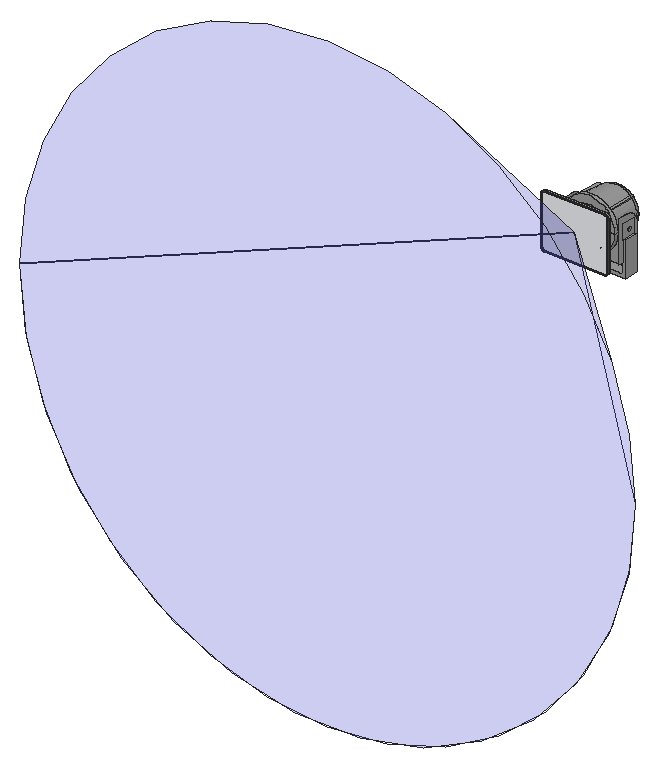
Revit family "AH94-8T-BSG", category Communication Devices, Revit 2014
Parameters (values of type "Full-Range, Outdoor, Horn Loudspeaker")
  Width = 19.66"
  Weight Product = 63
  Warranty = "5 Year"
  Vertical Symmetry = yes
  URL = "www.atlassound.com"
  Transformer Option = yes
  Specification by User (default) = "TBD"
  Speaker Listening Height [instance] = 30.00"
  Speaker Height [instance] = 120.00"
  Speaker Dispersion = 90.00°
  Speaker Cone Visible [instance] = yes
  Sensitivity = 101
  ScheduleType |RF| = "AtlasIED Master"
  SPL Max = 107
  Rotation = 0.00°
  Product Page URL = "https://www.atlasied.com/ah94-8t-bsg"
  Product Documentation Link = "https://www.atlasied.com/f/2991/ATS004761%20AH94-8T-BSG%20Data%20Sheet%20RevA.pdf"
  Power Rating (RMS) = "100 watts"
  Pitch = 0.00°
  OmniClass Title = "SPEAKERS"
  OmniClass Number = "23-37 17 13 19"
  Mount Material = Default
  Model = "AH94-8T-BSG"
  Maximum Output = "121dB"
  MaterFormat Title = "SPEAKERS"
  MasterFormat = "27 41 13"
  Market = "Commercial, Higher Education, Emergency"
  Manufacturer URL = "https://www.atlasied.com"
  Manufacturer Phone = "(800) 876 - 3333"
  Manufacturer Email = "support@atlasied.com"
  Manufacturer Address = "4545 E. Baseline Rd., Phoenix, AZ 85042"
  Manufacturer = "ATLAS SOUND"
  Input Connectors = "Barrier Terminal"
  Ingress Protection = "IP45 When Tilted 5° Downwards"
  Impedance = 8
  IQ Category = "SPEAKERS"
  Height = 20.05"
  Grill Material = QF_Plastic - White - Smooth
  Frequency Response  = "90Hz - 15kHz (±5dB)"
  Family Version [instance] = "2017-01"
  Family Code (default) = "LOUD SPEAKERS"
  Enclosure Material = none
  Dispersion Angle = 90.00°
  Description = "8\" 2-WAY STADIUM HORN LOUDSPEAKER SYSTEM 90° X 40°"
  Depth = 19.98"
  Coverage Vertical = 0.00°
  Coverage Horizontal = 0.00°
  Cost MSRP = 947.99
  Cost = 947.99
  Color = none
  Body Material = Default
  Baffle Material = none
  Angle [instance] = 0.00°
  70V Taps = "7.5, 15, 30, & 60 watts"
Reference planes (in)
  plane 1 "Center (Front/Back)": y = 0
  plane 2: z = 0
  plane 3 "Center (Left/Right)": x = 0
  plane 4: z = 20.05
  plane 5: z = 4.05
  plane 6: x = 9.83
  plane 7: x = -9.83
  plane 8: x = 8.955
  plane 9: x = -8.955
  plane 10: y = -9.99
  plane 11: y = 9.99
  plane 12: z = 12.03
Forms (in)
  Extrusion 1, solid, material "Default" <- "Mount Material"
    sketch origin (0, -2.60748, 13.66826) x (0, 0, -1) y (1, 0, 0)
      loop
        line (13.66826, 8.955) -> (3.63826, 8.955) -> (3.63826, 8.21875) -> (-0.36174, 8.21875) -> (-0.36174, 8.11375) -> (3.71123, 8.11375) -> (3.71123, 8.21875) -> (12.66826, 8.21875) -> (12.66826, -8.21875) -> (3.71123, -8.21875) -> (3.71123, -8.11375) -> (-0.36174, -8.11375) -> (-0.36174, -8.21875) -> (3.63826, -8.21875) -> (3.63826, -8.955) -> (13.66826, -8.955) -> (13.66826, 8.955)
    from 0 to -3.88
  Revolve 2, solid, material "QF_Metal - Stainless - Polished"
    sketch origin (0, -2.0095, 12.03) x (1, 0, 0) y (0, 1, 0)
      loop
        line (1.06703, 2.0095) -> (2.43821, 2.0095) -> (2.43821, 2.2595) -> (1.06703, 2.2595) -> (1.06703, 2.0095)
      axis (1.06703, 2.0095) -> (2.43821, 2.0095)
    angle from 0 <- "Angle" to 225.204
Dimensions and locks (in)
  "Height": plane 4 to level
  plane 4 to plane 5 = 16.00"
  plane 5 to plane 4 = 16.00"
  "Width": plane 7 to plane 6
  plane 9 to plane 8 = 17.91"
  "Depth": plane 10 to plane 11
  plane 12 to plane 2 = 12.03"
  aligned and locked: plane 2 to level
Automatic sketch dimensions
  Extrusion 1 sketch curve to Extrusion 1 sketch curve = 0.07298"  (x2)
  Extrusion 1 sketch curve to Extrusion 1 sketch curve = 1.00"
  Extrusion 1 sketch curve to Extrusion 1 sketch curve = 0.73625"
  plane 8 to Extrusion 1 sketch curve = 0.00"
  plane 9 to Extrusion 1 sketch curve = 0.00"
  Extrusion 1 sketch curve to level = 0.00"
  Extrusion 1 sketch curve to plane 9 = 0.84125"
  Extrusion 1 sketch curve to plane 12 = 2.07298"  (x2)
  plane 8 to Extrusion 1 sketch curve = 0.73625"  (x2)
  plane 12 to Extrusion 1 sketch curve = 2.00"  (x2)
  Extrusion 1 sketch curve to plane 9 = 0.73625"
  Extrusion 1 sketch curve to Extrusion 1 sketch curve = 0.105"
  plane 1 "Center (Front/Back)" to Revolve 2 sketch curve = 0.00"  (x2)
  plane 3 "Center (Left/Right)" to Revolve 2 sketch curve = 1.06703"
  Revolve 2 sketch curve to plane 1 "Center (Front/Back)" = 0.25"
  Revolve 2 sketch curve to Revolve 2 sketch curve = 1.37117"
  Revolve 2 sketch curve to Revolve 2 sketch curve = 1.06179"
  Revolve 2 sketch curve to Revolve 2 sketch curve = 0.59789"
Nested families (in)
  nested 1: "AH948TBSG" at (0, 0, 12.03), Speaker Cone Visible <- "Speaker Cone Visible", Speaker Listening Height <- "Speaker Listening Height", Speaker Height <- "Speaker Height", Speaker Dispersion <- "Speaker Dispersion", type "Full-Range, Outdoor, Horn Loudspeaker"
    with Weight Dimensional/Shipping 0, Speaker Listening Height 30.00", Speaker Height 120.00", Speaker Dispersion 90.00°, Speaker Cone Visible yes, Speaker Cone Height 90.00", Radius of Speaker Cone 90.00", Operating Frequency Range "", Flasher Type "", Flasher Lumens "", Family Version ""
Definition of nested family "AH948TBSG"
  Parameters (values of type "Full-Range, Outdoor, Horn Loudspeaker")
    Woofer Size = 0
    Woofer Impedence = "8Ω Nominal"
    Width = 19.66"
    Weight Product = 63
    Weight Dimensional/Shipping [instance] = 0
    Weight Dimensional = 0
    Warranty = ""
    Voltage DC = ""
    Voltage AC = ""
    Viewable Dimensions (HxW) = 0
    Vertical Symmetry = yes
    URL = "www.atlassound.com"
    Type Driver = "1\" HF and 8\" LF"
    Transformer Option = yes
    Sustainability Rating = ""
    Splay Angle Minimum = 0.00°
    Splay Angle Maximum = 0.00°
    Specification by User (default) = ""
    Specification by Manufacturer = ""
    Speaker Type = "S1"
    Speaker Listening Height [instance] = 30.00"
    Speaker Height [instance] = 120.00"
    Speaker Dispersion [instance] = 90.00°
    Speaker Data Link = ""
    Speaker Cone Visible [instance] = no
    Speaker Cone Height [instance] = (Speaker Height - Speaker Listening Height)  # 90.00"
    Shipping Dimensions = ""
    Serial Number = ""
    Sensitivity 5 = 0
    Sensitivity 4 = 0
    Sensitivity 3 = 0
    Sensitivity 2 = 0
    Sensitivity = 101
    Seismic Rating = ""
    ScheduleType |RF| = "AtlasIED Master"
    Safety Features = ""
    Safety Agency Ratings = ""
    SPL Stimulus = ""
    SPL Measurement Bandwidth = ""
    SPL Max = 107
    Rotation = 0.00°
    Regulatory Compliance = ""
    Recommended Signal Processing = ""
    Recommended Power Amplification = ""
    Radius of Speaker Cone [instance] = (Speaker Cone Height) * tan(Speaker Dispersion / 2)  # 90.00"
    Product Page URL = "https://www.atlasied.com/ah94-8t-bsg"
    Product Documentation Link = "https://www.atlasied.com/f/2991/ATS004761%20AH94-8T-BSG%20Data%20Sheet%20RevA.pdf"
    Power Standby = 0
    Power Rating (RMS) = "100 watts"
    Power Peak = 0
    Power Handling 5 = 0
    Power Handling 4 = 0
    Power Handling 3 = 0
    Power Handling 2 = 0
    Power Handling = 0
    Power Factor = 0
    Power Active = 0
    Pitch = 0.00°
    Part Number = "AH94-8T-BSG"
    Outdoor/Weather Rating = ""
    Operation Mode = ""
    Operating Frequency Range [instance] = ""
    OmniClass Title = "SPEAKERS"
    OmniClass Number = "23-37 17 13 19"
    Number of Bands = 0
    Noise = 0
    Mounting/Rigging Provisions = ""
    Mount Material = Default
    Model = "AH94-8T-BSG"
    Minimum Impedence = ""
    Maximum Output = "121dB"
    Max Input Ratings (8Ω) = ""
    Max Character Height = 0
    MaterFormat Title = ""
    MasterFormat = "27 41 13"
    Market = "Commercial, Higher Education, Emergency"
    Manufacturer URL = "https://www.atlasied.com"
    Manufacturer Phone = "(800) 876 - 3333"
    Manufacturer Email = "support@atlasied.com"
    Manufacturer Address = "4545 E. Baseline Rd., Phoenix, AZ 85042"
    Manufacturer = "ATLAS SOUND"
    Loudspeaker Level = ""
    Input Connectors = ""
    Ingress Protection = "IP45 When Tilted 5° Downwards"
    Impedance 5 = 0
    Impedance 4 = 0
    Impedance 3 = 0
    Impedance 2 = 0
    Impedance = 8
    IQ Category = "SPEAKERS"
    Horizontal Symmetry = yes
    Height = 20.05"
    Heat Load Standby = 0
    Heat Load Active = 0
    HF Driver = ""
    Grill Material = QF_Plastic - White - Smooth
    Frequency Response  = "90Hz - 15kHz (±5dB)"
    Flasher Type [instance] = ""
    Flasher Lumens Rating = ""
    Flasher Lumens [instance] = ""
    Family Version [instance] = ""
    Family Code (default) = ""
    Extended Low Frequency Response = ""
    Environmental Testing = ""
    Enclusure Volume = 0
    Enclosure Material = none
    Dispersion Angle = 90.00°
    Diameter = 0
    Description = "8\" 2-WAY STADIUM HORN LOUDSPEAKER SYSTEM 90° X 40°"
    Depth = 19.98"
    Cutout Diameter = 0
    Current Draw = 0
    Crossover Frequency = "1.8 kHz."
    Coverage Vertical = 0.00°
    Coverage Horizontal = 0.00°
    Coverage = ""
    Cost MSRP = 947.99
    Controls = ""
    Communication Ports = ""
    Communication Formats = ""
    Color = none
    Body Material = Default
    Baffle Material = none
    Azimuth = 0.00°
    70V Taps = "7.5, 15, 30, & 60 watts"
    25V Taps = "0.00 W"
    100V Taps = "0.00 W"
  Reference planes (in)
    plane 1 "Center (Front/Back)": y = 0
    plane 2: z = 0
    plane 3 "Center (Left/Right)": x = 0
    plane 4: z = 20.05
    plane 5: z = 4.05
    plane 6: x = 9.83
    plane 7: x = -9.83
    plane 8: x = 8.955
    plane 9: x = -8.955
    plane 10: y = -9.99
    plane 11: y = 9.99
    plane 12: z = 12.03
  Forms (in)
    Extrusion 1, solid, material "Default" <- "Body Material"
      sketch origin (0, -4.66227, 0.02) x (0, -1, 0) y (1, 0, 0)
        loop
          arc (-13.39523, 0.2489) -> (-14.65227, -0.0011) -> (-13.39523, -0.2511) r 0.65338
          line (-13.39523, -0.2511) -> (-13.07811, -0.2511) -> (-13.07811, 0.2489) -> (-13.39523, 0.2489)
        loop
          circle (-13.99889, -0.0011) r 0.40338
      from -0.08174 to 0.07955
    Extrusion 2, solid, material "Default" <- "Mount Material"
      sketch origin (9.54326, -1.61914, 1.595) x (-1, 0, 0) y (0, -1, 0)
        loop
          line (15.99174, -3.48773) -> (17.41237, -3.48773) -> (17.41237, 2.16843) -> (16.48659, 2.16843) -> (15.99174, -3.48773)
        loop
          line (3.09477, -3.48773) -> (2.59992, 2.16843) -> (1.67414, 2.16843) -> (1.67414, -3.48773) -> (3.09477, -3.48773)
      from 0 to 0.13
    Revolve 3, solid, material "Default" <- "Body Material"
      sketch origin (0, 0, 0.02) x (1, 0, 0) y (0, 1, 0)
        loop
          arc (0, 8.45424) -> (-2.98607, 7.77043) -> (-5.59293, 6.16152) r 9.38607
          arc (-5.59293, 6.16152) -> (-6.02381, 5.61288) -> (-6.22291, 4.94427) r 1.86473
          line (-6.22291, 4.94427) -> (-7.11014, -3.78757) -> (-7.58174, -3.78757) -> (-7.58174, -4.78727) -> (-5.17455, -4.78727) -> (-7.32874, -9.40694) -> (0, -9.40694) -> (0, 8.45424)
        axis (0, -9.40694) -> (0, 8.45424)
      angle from 0 to 360
    Extrusion 4, solid, material "Default" <- "Body Material"
      sketch origin (9.66492, 0, -9.64492) x (0, 1, 0) y (0.707107, 0, -0.707107)
        loop
          line (-9.28194, -21.22937) -> (-4.78727, -20.42367) -> (-4.78727, -18.8428) -> (-9.28194, -20.61258) -> (-9.28194, -21.22937)
        loop
          line (-9.28194, -6.10714) -> (-9.28194, -6.72393) -> (-4.78727, -8.49371) -> (-4.78727, -6.91284) -> (-9.28194, -6.10714)
        loop
          line (-3.78757, -6.55811) -> (5.37977, -7.52164)
          arc (5.37977, -7.52164) -> (6.83998, -8.99029) -> (7.84752, -10.79973) r 7.56991
          arc (7.84752, -10.79973) -> (6.51986, -8.15849) -> (4.02211, -6.57733) r 5.53481
          line (4.02211, -6.57733) -> (-3.78757, -6.30461) -> (-3.78757, -6.55811)
        loop
          line (-3.78757, -20.7784) -> (-3.78757, -21.0319) -> (4.02211, -20.75918)
          arc (4.02211, -20.75918) -> (6.51986, -19.17802) -> (7.84752, -16.53678) r 5.53481
          arc (7.84752, -16.53678) -> (6.83998, -18.34622) -> (5.37977, -19.81487) r 7.56991
          line (5.37977, -19.81487) -> (-3.78757, -20.7784)
      from -0.25 to 0.25
    Extrusion 5, solid, material "Default" <- "Body Material"
      sketch origin (16.84763, -9.99, 34.14) x (1, 0, 0) y (0, 0, 1)
        loop
          line (-7.01763, -41.0575) -> (-7.01763, -27.1825)
          arc (-7.01763, -27.1825) -> (-7.32882, -26.4312) -> (-8.08013, -26.12) r 1.0625
          line (-8.08013, -26.12) -> (-25.61513, -26.12)
          arc (-25.61513, -26.12) -> (-26.36643, -26.4312) -> (-26.67763, -27.1825) r 1.0625
          line (-26.67763, -27.1825) -> (-26.67763, -41.0575)
          arc (-26.67763, -41.0575) -> (-26.36643, -41.8088) -> (-25.61513, -42.12) r 1.0625
          line (-25.61513, -42.12) -> (-8.08013, -42.12)
          arc (-8.08013, -42.12) -> (-7.32882, -41.8088) -> (-7.01763, -41.0575) r 1.0625
        loop
          line (-7.27763, -41.1075) -> (-7.27763, -27.1325)
          arc (-7.27763, -27.1325) -> (-7.51267, -26.56505) -> (-8.08013, -26.33) r 0.8025
          line (-8.08013, -26.33) -> (-25.61513, -26.33)
          arc (-25.61513, -26.33) -> (-26.18258, -26.56505) -> (-26.41763, -27.1325) r 0.8025
          line (-26.41763, -27.1325) -> (-26.41763, -41.1075)
          arc (-26.41763, -41.1075) -> (-26.18258, -41.67495) -> (-25.61513, -41.91) r 0.8025
          line (-25.61513, -41.91) -> (-8.08013, -41.91)
          arc (-8.08013, -41.91) -> (-7.51267, -41.67495) -> (-7.27763, -41.1075) r 0.8025
      from 0 to -0.58306
    Extrusion 6, solid, material "Default" <- "Mount Material"
      sketch origin (7.86911, 1.86858, 1.595) x (0, -1, 0) y (0, 0, -1)
        loop
          line (5.65615, -2.09844) -> (5.65615, 9.9001) -> (-0.65276, 9.9001) -> (-0.65276, 1.28125)
          arc (-0.65276, 1.28125) -> (0.33712, -1.10855) -> (2.72692, -2.09844) r 3.37968
          line (2.72692, -2.09844) -> (5.65615, -2.09844)
      from 0 to 0.13
    Extrusion 7, solid, material "Default" <- "Mount Material"
      sketch origin (-7.86911, 1.86858, 1.595) x (0, -1, 0) y (0, 0, 1)
        loop
          arc (2.72692, 2.09844) -> (0.33712, 1.10855) -> (-0.65276, -1.28125) r 3.37968
          line (-0.65276, -1.28125) -> (-0.65276, -9.9001) -> (5.65615, -9.9001) -> (5.65615, 2.09844) -> (2.72692, 2.09844)
      from 0 to 0.13
    Extrusion 8, solid, material "Default" <- "Mount Material"
      sketch origin (0, -2.47748, 1.63826) x (0, 0, -1) y (1, 0, 0)
        loop
          line (1.61826, 7.86911) -> (1.61826, 7.11014)
          arc (1.61826, 7.11014) -> (8.7284, 0) -> (1.61826, -7.11014) r 7.11014
          line (1.61826, -7.11014) -> (1.61826, -7.86911) -> (10.54326, -7.86911) -> (10.54326, 7.86911) -> (1.61826, 7.86911)
      from 0 to 0.13
    Extrusion 9, solid, material "Default" <- "Mount Material"
      sketch origin (-8.21875, -2.60748, 1.2175) x (0, 0, -1) y (0, -1, 0)
        loop
          line (0.94672, -2.4115) -> (1.48828, -2.4115) -> (1.75905, -1.9425) -> (1.48828, -1.4735) -> (0.94672, -1.4735) -> (0.67595, -1.9425) -> (0.94672, -2.4115)
      from 0 to 0.333
    Extrusion 10, solid, material "Default" <- "Mount Material"
      sketch origin (8.21875, -2.60748, 1.2175) x (0, 0, -1) y (0, 1, 0)
        loop
          line (0.94672, 2.4115) -> (0.67595, 1.9425) -> (0.94672, 1.4735) -> (1.48828, 1.4735) -> (1.75905, 1.9425) -> (1.48828, 2.4115) -> (0.94672, 2.4115)
      from 0 to 0.333
    Extrusion 11, solid, material "QF_Plastic - White - Smooth" <- "Grill Material"
      sketch origin (16.84763, -9.99, 34.14) x (1, 0, 0) y (0, 0, 1)
        loop
          arc (-7.27763, -27.1325) -> (-7.51267, -26.56505) -> (-8.08013, -26.33) r 0.8025
          line (-8.08013, -26.33) -> (-25.61513, -26.33)
          arc (-25.61513, -26.33) -> (-26.18258, -26.56505) -> (-26.41763, -27.1325) r 0.8025
          line (-26.41763, -27.1325) -> (-26.41763, -41.1075)
          arc (-26.41763, -41.1075) -> (-26.18258, -41.67495) -> (-25.61513, -41.91) r 0.8025
          line (-25.61513, -41.91) -> (-8.08013, -41.91)
          arc (-8.08013, -41.91) -> (-7.51267, -41.67495) -> (-7.27763, -41.1075) r 0.8025
          line (-7.27763, -41.1075) -> (-7.27763, -27.1325)
      from 0 to -0.25
    Extrusion 12, solid, material "Default" <- "Body Material"
      sketch origin (16.84763, -9.74, 34.14) x (-1, 0, 0) y (0, 0, 1)
        loop
          line (7.27763, -27.1325) -> (7.27763, -41.1075)
          arc (7.27763, -41.1075) -> (7.51267, -41.67495) -> (8.08013, -41.91) r 0.8025
          line (8.08013, -41.91) -> (25.61513, -41.91)
          arc (25.61513, -41.91) -> (26.18258, -41.67495) -> (26.41763, -41.1075) r 0.8025
          line (26.41763, -41.1075) -> (26.41763, -27.1325)
          arc (26.41763, -27.1325) -> (26.18258, -26.56505) -> (25.61513, -26.33) r 0.8025
          line (25.61513, -26.33) -> (8.08013, -26.33)
          arc (8.08013, -26.33) -> (7.51267, -26.56505) -> (7.27763, -27.1325) r 0.8025
      from 0 to 0.25
    Extrusion 13, solid, material "Default" <- "Body Material"
      sketch origin (-9.66492, 0, -9.64492) x (0, 1, 0) y (0.707107, 0, 0.707107)
        loop
          line (-9.28194, 21.22937) -> (-9.28194, 20.61258) -> (-4.78727, 18.8428) -> (-4.78727, 20.42367) -> (-9.28194, 21.22937)
        loop
          line (-9.28194, 6.10714) -> (-4.78727, 6.91284) -> (-4.78727, 8.49371) -> (-9.28194, 6.72393) -> (-9.28194, 6.10714)
        loop
          line (-3.78757, 6.55811) -> (-3.78757, 6.30461) -> (4.02211, 6.57733)
          arc (4.02211, 6.57733) -> (6.51986, 8.15849) -> (7.84752, 10.79973) r 5.53481
          arc (7.84752, 10.79973) -> (6.83998, 8.99029) -> (5.37977, 7.52164) r 7.56991
          line (5.37977, 7.52164) -> (-3.78757, 6.55811)
        loop
          line (-3.78757, 20.7784) -> (5.37977, 19.81487)
          arc (5.37977, 19.81487) -> (6.83998, 18.34622) -> (7.84752, 16.53678) r 7.56991
          arc (7.84752, 16.53678) -> (6.51986, 19.17802) -> (4.02211, 20.75918) r 5.53481
          line (4.02211, 20.75918) -> (-3.78757, 21.0319) -> (-3.78757, 20.7784)
      from -0.25 to 0.25
    Extrusion 14, solid, material "QF_Plastic - Black - Fine Textured"
      sketch origin (16.84763, -9.99, 34.14) x (1, 0, 0) y (0, 0, 1)
        loop
          line (-7.01763, -41.0575) -> (-7.01763, -27.1825)
          arc (-7.01763, -27.1825) -> (-7.32882, -26.4312) -> (-8.08013, -26.12) r 1.0625
          line (-8.08013, -26.12) -> (-25.61513, -26.12)
          arc (-25.61513, -26.12) -> (-26.36643, -26.4312) -> (-26.67763, -27.1825) r 1.0625
          line (-26.67763, -27.1825) -> (-26.67763, -41.0575)
          arc (-26.67763, -41.0575) -> (-26.36643, -41.8088) -> (-25.61513, -42.12) r 1.0625
          line (-25.61513, -42.12) -> (-8.08013, -42.12)
          arc (-8.08013, -42.12) -> (-7.32882, -41.8088) -> (-7.01763, -41.0575) r 1.0625
        loop
          line (-7.27763, -41.1075) -> (-7.27763, -27.1325)
          arc (-7.27763, -27.1325) -> (-7.51267, -26.56505) -> (-8.08013, -26.33) r 0.8025
          line (-8.08013, -26.33) -> (-25.61513, -26.33)
          arc (-25.61513, -26.33) -> (-26.18258, -26.56505) -> (-26.41763, -27.1325) r 0.8025
          line (-26.41763, -27.1325) -> (-26.41763, -41.1075)
          arc (-26.41763, -41.1075) -> (-26.18258, -41.67495) -> (-25.61513, -41.91) r 0.8025
          line (-25.61513, -41.91) -> (-8.08013, -41.91)
          arc (-8.08013, -41.91) -> (-7.51267, -41.67495) -> (-7.27763, -41.1075) r 0.8025
      from 0 to 0.13
    Blend 15, solid, material "Glass", visible <- "Speaker Cone Visible"
      base sketch origin (0, -10.12, -0.07521) x (1, 0, 0) y (0, 0, 1)
        loop
          circle (0, 0.09521) r 90
      top sketch origin (0, -10.12, -0.07521) x (1, 0, 0) y (0, 0, 1)
        loop
          circle (0, 0.09521) r 0.13513
      from 90 <- "Speaker Cone Height" to 0
  Lines and regions (in)
    symbolic lines
      curve 1: arc (-0.0011, 9.74, 0) -> (0.40228, 9.33662, 0) -> (-0.0011, 8.93324, 0) r 0.40338
      curve 2: arc (-0.0011, 8.93324, 0) -> (-0.40448, 9.33662, 0) -> (-0.0011, 9.74, 0) r 0.40338
      curve 3: arc (0.2489, 8.73296, 0) -> (-0.0011, 9.99, 0) -> (-0.2511, 8.73296, 0) r 0.65338
      curve 4: line (-9.83, -9.40694, 0) -> (9.83, -9.40694, 0)
      curve 5: line (-9.83, -9.99, 0) -> (-9.83, -9.40694, 0)
      curve 6: line (9.83, -9.99, 0) -> (-9.83, -9.99, 0)
      curve 7: line (9.83, -9.40694, 0) -> (9.83, -9.99, 0)
      curve 8: line (-4.76841, -9.40694, 0) -> (-3.48218, -4.78727, 0)
      curve 9: line (-4.60003, -4.78727, 0) -> (-5.18558, -9.40694, 0)
      curve 10: line (-5.53914, -9.40694, 0) -> (-4.95358, -4.78727, 0)
      curve 11: line (-5.17455, -4.78727, 0) -> (-7.32874, -9.40694, 0)
      curve 12: line (4.76841, -9.40694, 0) -> (3.48218, -4.78727, 0)
      curve 13: line (4.60003, -4.78727, 0) -> (5.18558, -9.40694, 0)
      curve 14: line (5.53914, -9.40694, 0) -> (4.95358, -4.78727, 0)
      curve 15: line (5.17455, -4.78727, 0) -> (7.32874, -9.40694, 0)
      curve 16: line (-7.58, -4.78727, 0) -> (7.58, -4.78727, 0)
      curve 17: line (7.58, -3.78757, 0) -> (-7.99911, -3.78757, 0)
      curve 18: line (-7.58, -4.78727, 0) -> (-7.58, -3.78757, 0)
      curve 19: line (-0.2511, 8.73296, 0) -> (-0.2511, 8.4679, 0)
      curve 20: line (0.2489, 8.73296, 0) -> (0.2489, 8.46821, 0)
      curve 21: line (0.2489, 8.73296, 0) -> (0.2489, 8.46821, 0)
      curve 22: line (-0.2511, 8.73296, 0) -> (-0.2511, 8.4679, 0)
      curve 23: line (7.58, -4.78727, 0) -> (7.58, -3.78757, 0)
      curve 24: line (7.58, -4.78727, 0) -> (7.58, -3.78757, 0)
      curve 25: line (-5.19082, 4.02211, 0) -> (-5.38366, -3.78757, 0)
      curve 26: spline (-5.19082, 4.02211, 0) -> (-5.07355, 4.4923, 0) -> (-4.92685, 4.94565, 0) -> (-4.75189, 5.3785, 0) -> (-4.5501, 5.78732, 0) -> (-4.32311, 6.16881, 0) -> (-4.07277, 6.51986, 0) -> (-3.80111, 6.83763, 0) -> (-3.51033, 7.11953, 0) -> (-3.20279, 7.36329, 0) -> (-2.88098, 7.56692, 0) -> (-2.54753, 7.72877, 0) -> (-2.20513, 7.84752, 0)
      curve 27: spline (-1.85158, 7.84752, 0) -> (-2.19398, 7.72877, 0) -> (-2.52743, 7.56692, 0) -> (-2.84923, 7.36329, 0) -> (-3.15677, 7.11953, 0) -> (-3.44755, 6.83763, 0) -> (-3.71922, 6.51986, 0) -> (-3.96956, 6.16881, 0) -> (-4.19654, 5.78732, 0) -> (-4.39833, 5.3785, 0) -> (-4.57329, 4.94565, 0) -> (-4.72, 4.4923, 0) -> (-4.83726, 4.02211, 0)
      curve 28: line (-4.83726, 4.02211, 0) -> (-5.03011, -3.78757, 0)
      curve 29: line (-4.85085, -3.78757, 0) -> (-4.16954, 5.37977, 0)
      curve 30: spline (-4.16954, 5.37977, 0) -> (-4.01675, 5.6503, 0) -> (-3.85539, 5.91067, 0) -> (-3.68577, 6.16034, 0) -> (-3.50825, 6.39877, 0) -> (-3.32321, 6.62548, 0) -> (-3.13104, 6.83998, 0) -> (-2.93213, 7.04184, 0) -> (-2.72691, 7.23061, 0) -> (-2.51579, 7.40592, 0) -> (-2.29923, 7.5674, 0) -> (-2.07767, 7.7147, 0) -> (-1.85158, 7.84752, 0)
      curve 31: spline (1.85158, 7.84752, 0) -> (2.07767, 7.7147, 0) -> (2.29923, 7.5674, 0) -> (2.51579, 7.40592, 0) -> (2.72691, 7.23061, 0) -> (2.93213, 7.04184, 0) -> (3.13104, 6.83998, 0) -> (3.32321, 6.62548, 0) -> (3.50825, 6.39877, 0) -> (3.68577, 6.16034, 0) -> (3.85539, 5.91067, 0) -> (4.01675, 5.6503, 0) -> (4.16954, 5.37977, 0)
      curve 32: spline (4.83726, 4.02211, 0) -> (4.72, 4.4923, 0) -> (4.57329, 4.94565, 0) -> (4.39833, 5.3785, 0) -> (4.19654, 5.78732, 0) -> (3.96956, 6.16881, 0) -> (3.71922, 6.51986, 0) -> (3.44755, 6.83763, 0) -> (3.15677, 7.11953, 0) -> (2.84923, 7.36329, 0) -> (2.52743, 7.56692, 0) -> (2.19398, 7.72877, 0) -> (1.85158, 7.84752, 0)
      curve 33: spline (2.20513, 7.84752, 0) -> (2.54753, 7.72877, 0) -> (2.88098, 7.56692, 0) -> (3.20279, 7.36329, 0) -> (3.51033, 7.11953, 0) -> (3.80111, 6.83763, 0) -> (4.07277, 6.51986, 0) -> (4.32311, 6.16881, 0) -> (4.5501, 5.78732, 0) -> (4.75189, 5.3785, 0) -> (4.92685, 4.94565, 0) -> (5.07355, 4.4923, 0) -> (5.19082, 4.02211, 0)
      curve 34: line (5.19082, 4.02211, 0) -> (5.38366, -3.78757, 0)
      curve 35: line (5.03011, -3.78757, 0) -> (4.83726, 4.02211, 0)
      curve 36: line (4.16954, 5.37977, 0) -> (4.85085, -3.78757, 0)
      curve 37: line (2.20513, 7.84752, 0) -> (1.85158, 7.84752, 0)
      curve 38: line (-1.85158, 7.84752, 0) -> (-2.20513, 7.84752, 0)
      curve 39: line (-8.955, 1.27252, 0) -> (-7.99911, 1.27252, 0)
      curve 40: line (-8.955, 1.27252, 0) -> (-8.955, -2.60748, 0)
      curve 41: line (-8.955, -2.60748, 0) -> (-7.99911, -2.60748, 0)
      curve 42: line (-7.99911, 2.52135, 0) -> (-7.86911, 2.52135, 0)
      curve 43: line (-7.99911, -3.78757, 0) -> (-7.99911, 2.52135, 0)
      curve 44: line (-7.86911, 2.52135, 0) -> (-7.86911, -3.78757, 0)
      curve 45: line (-6.61529, 1.86858, 0) -> (-7.86911, 1.86858, 0)
      curve 46: line (-8.21875, 1.27252, 0) -> (-8.21875, -2.60748, 0)
      curve 47: line (-7.11014, -3.78757, 0) -> (-6.23732, 4.85712, 0)
      curve 48: arc (-6.23732, 4.85712, 0) -> (-5.99297, 5.63768, 0) -> (-5.46051, 6.25853, 0) r 2.03082
      curve 49: line (7.11014, -3.78757, 0) -> (6.23732, 4.85712, 0)
      curve 50: arc (6.23732, 4.85712, 0) -> (5.99297, 5.63768, 0) -> (5.46051, 6.25853, 0) r 2.03082
      curve 51: arc (-5.46051, 6.25853, 0) -> (0, 8.41585, 0) -> (5.46051, 6.25853, 0) r 7.98936
      curve 52: line (8.955, 1.27252, 0) -> (7.99911, 1.27252, 0)
      curve 53: line (8.955, 1.27252, 0) -> (8.955, -2.60748, 0)
      curve 54: line (8.955, -2.60748, 0) -> (7.99911, -2.60748, 0)
      curve 55: line (7.99911, 2.52135, 0) -> (7.86911, 2.52135, 0)
      curve 56: line (7.99911, -3.78757, 0) -> (7.99911, 2.52135, 0)
      curve 57: line (7.86911, 2.52135, 0) -> (7.86911, -3.78757, 0)
      curve 58: line (6.61529, 1.86858, 0) -> (7.86911, 1.86858, 0)
      curve 59: line (8.21875, 1.27252, 0) -> (8.21875, -2.60748, 0)
    symbolic lines, style "Sound Projection Average", visible <- "Speaker Cone Visible"
      curve 60: line (-90.48263, -100.12, 0) -> (90, -100.12, 0)
      curve 61: line (-90, -100.12, 0) -> (0, -10.12, 0)
      curve 62: line (90, -100.12, 0) -> (0, -10.12, 0)
  Dimensions and locks (in)
    "Height": plane 4 to level
    plane 4 to plane 5 = 16.00"
    plane 5 to plane 4 = 16.00"
    "Width": plane 7 to plane 6
    plane 9 to plane 8 = 17.91"
    "Depth": plane 10 to plane 11
    plane 12 to plane 2 = 12.03"
    "Radius of Speaker Cone": radius of Blend 15 sketch curve
    aligned and locked: plane 2 to level
  Automatic sketch dimensions
    Extrusion 1 sketch curve to Extrusion 1 sketch curve = 0.00"  (x2)
    Extrusion 1 sketch curve to plane 3 "Center (Left/Right)" = 0.0011"
    plane 11 to Extrusion 1 sketch curve = 0.65338"
    plane 3 "Center (Left/Right)" to Extrusion 1 sketch curve = 0.2489"
    Extrusion 1 sketch curve to Extrusion 1 sketch curve = 0.60366"
    Extrusion 1 sketch curve to plane 3 "Center (Left/Right)" = 0.2511"
    Extrusion 1 sketch curve to Extrusion 1 sketch curve = 0.31712"
    plane 8 to Extrusion 2 sketch curve = 1.08589"
    Extrusion 2 sketch curve to Extrusion 2 sketch curve = 0.92577"
    Extrusion 2 sketch curve to Extrusion 2 sketch curve = 1.42062"
    Extrusion 2 sketch curve to plane 9 = 2.50651"
    Extrusion 2 sketch curve to plane 9 = 2.01166"
    Extrusion 2 sketch curve to plane 9 = 1.08589"
    Extrusion 2 sketch curve to plane 1 "Center (Front/Back)" = 1.86858"  (x2)
    plane 1 "Center (Front/Back)" to Extrusion 2 sketch curve = 3.78757"  (x2)
    Revolve 3 sketch curve to plane 3 "Center (Left/Right)" = 0.00"  (x2)
    Revolve 3 sketch curve to plane 3 "Center (Left/Right)" = 4.36773"
    Revolve 3 sketch curve to plane 9 = 3.78045"
    Revolve 3 sketch curve to Revolve 3 sketch curve = 1.85518"
    Revolve 3 sketch curve to plane 9 = 1.84486"
    Revolve 3 sketch curve to plane 10 = 0.58306"
    Revolve 3 sketch curve to plane 9 = 1.62626"
    Revolve 3 sketch curve to Revolve 3 sketch curve = 0.4716"
    plane 3 "Center (Left/Right)" to Revolve 3 sketch curve = 0.57405"
    Revolve 3 sketch curve to Revolve 3 sketch curve = 4.61967"
    Revolve 3 sketch curve to Revolve 3 sketch curve = 0.9997"
    plane 1 "Center (Front/Back)" to Revolve 3 sketch curve = 0.91426"
    Revolve 3 sketch curve to plane 1 "Center (Front/Back)" = 4.75577"
    Revolve 3 sketch curve to Revolve 3 sketch curve = 0.1885"
    plane 11 to Revolve 3 sketch curve = 1.53576"
    Revolve 3 sketch curve to plane 11 = 11.39086"
    Revolve 3 sketch curve to Revolve 3 sketch curve = 0.75"
    Extrusion 4 sketch curve to plane 10 = 0.70806"  (x2)
    Extrusion 4 sketch curve to Extrusion 4 sketch curve = 4.49467"
    plane 1 "Center (Front/Back)" to Extrusion 4 sketch curve = 4.78727"
    Extrusion 4 sketch curve to Extrusion 4 sketch curve = 0.9997"  (x2)
    Extrusion 4 sketch curve to plane 1 "Center (Front/Back)" = 0.7922"
    Extrusion 4 sketch curve to Extrusion 4 sketch curve = 0.00"
    Extrusion 4 sketch curve to Extrusion 4 sketch curve = 1.62588"  (x2)
    Extrusion 4 sketch curve to plane 1 "Center (Front/Back)" = 4.02211"  (x2)
    Extrusion 4 sketch curve to Extrusion 4 sketch curve = 1.35766"  (x2)
    Extrusion 4 sketch curve to Extrusion 4 sketch curve = 0.19747"
    Extrusion 4 sketch curve to Extrusion 4 sketch curve = 0.2535"  (x2)
    Extrusion 4 sketch curve to Extrusion 4 sketch curve = 0.01922"
    Extrusion 4 sketch curve to Extrusion 4 sketch curve = 0.61679"  (x2)
    Extrusion 4 sketch curve to Extrusion 4 sketch curve = 0.35472"  (x2)
    Extrusion 4 sketch curve to Extrusion 4 sketch curve = 0.94431"  (x2)
    Extrusion 4 sketch curve to Extrusion 4 sketch curve = 1.58087"  (x2)
    Extrusion 4 sketch curve to Extrusion 4 sketch curve = 4.35298"  (x2)
    Extrusion 4 sketch curve to Extrusion 4 sketch curve = 1.66846"  (x2)
    Extrusion 4 sketch curve to Extrusion 4 sketch curve = 0.25034"
    Extrusion 4 sketch curve to Extrusion 4 sketch curve = 5.04938"
    Extrusion 4 sketch curve to Extrusion 4 sketch curve = 0.18891"
    Extrusion 5 sketch curve to plane 7 = 0.00"
    Extrusion 5 sketch curve to plane 6 = 0.00"
    plane 7 to Extrusion 5 sketch curve = 0.26"
    Extrusion 5 sketch curve to plane 9 = 0.1875"  (x3)
    Extrusion 5 sketch curve to Extrusion 5 sketch curve = 0.00"  (x2)
    plane 8 to Extrusion 5 sketch curve = 0.1875"  (x3)
    Extrusion 5 sketch curve to plane 6 = 0.26"
    Extrusion 5 sketch curve to level = 7.98"
    Extrusion 5 sketch curve to Extrusion 5 sketch curve = 0.21"
    Extrusion 5 sketch curve to plane 5 = 2.9075"
    Extrusion 5 sketch curve to Extrusion 5 sketch curve = 0.05"
    Extrusion 6 sketch curve to Extrusion 2 = 0.00"
    Extrusion 2 to Extrusion 6 sketch curve = 2.72692"
    Extrusion 6 sketch curve to Extrusion 2 = 0.65276"
    Extrusion 6 sketch curve to Extrusion 2 = 1.96844"
    Extrusion 6 sketch curve to Extrusion 6 sketch curve = 8.61885"
    Extrusion 7 sketch curve to Extrusion 2 = 0.00"
    Extrusion 2 to Extrusion 7 sketch curve = 2.72692"
    Extrusion 7 sketch curve to Extrusion 2 = 0.65276"
    Extrusion 7 sketch curve to Extrusion 2 = 9.9001"
    Extrusion 7 sketch curve to Extrusion 2 = 1.28125"
    Extrusion 8 sketch curve to plane 3 "Center (Left/Right)" = 0.00"
    level to Extrusion 8 sketch curve = 0.02"
    Extrusion 8 sketch curve to plane 9 = 1.08589"
    Extrusion 8 sketch curve to level = 8.905"
    Extrusion 8 sketch curve to Extrusion 8 sketch curve = 0.75897"
    plane 8 to Extrusion 8 sketch curve = 1.08589"
    level to Extrusion 9 sketch curve = 0.54155"
    level to Extrusion 9 sketch curve = 0.27078"  (x2)
    Extrusion 9 sketch curve to level = 0.27078"  (x2)
    Extrusion 9 sketch curve to level = 0.54155"
    plane 1 "Center (Front/Back)" to Extrusion 9 sketch curve = 0.19598"
    Extrusion 9 sketch curve to Extrusion 9 sketch curve = 0.469"  (x3)
    level to Extrusion 10 sketch curve = 0.54155"
    level to Extrusion 10 sketch curve = 0.27078"  (x2)
    Extrusion 10 sketch curve to level = 0.27078"  (x2)
    Extrusion 10 sketch curve to level = 0.54155"
    plane 1 "Center (Front/Back)" to Extrusion 10 sketch curve = 1.13398"
    Extrusion 10 sketch curve to Extrusion 10 sketch curve = 0.469"  (x2)
    plane 1 "Center (Front/Back)" to Extrusion 10 sketch curve = 0.19598"
    plane 7 to Extrusion 11 sketch curve = 0.26"
    Extrusion 11 sketch curve to plane 9 = 0.1875"  (x2)
    plane 8 to Extrusion 11 sketch curve = 0.1875"  (x2)
    Extrusion 11 sketch curve to plane 6 = 0.26"
    Extrusion 11 sketch curve to level = 7.77"
    Extrusion 11 sketch curve to plane 5 = 2.9575"
    Extrusion 12 sketch curve to Extrusion 12 sketch curve = 0.8025"
    Extrusion 12 sketch curve to Extrusion 11 = 0.8025"
    Extrusion 13 sketch curve to plane 10 = 0.70806"  (x2)
    Extrusion 13 sketch curve to Extrusion 13 sketch curve = 4.49467"
    plane 1 "Center (Front/Back)" to Extrusion 13 sketch curve = 4.78727"
    Extrusion 13 sketch curve to Extrusion 13 sketch curve = 0.9997"  (x2)
    Extrusion 13 sketch curve to plane 1 "Center (Front/Back)" = 0.7922"
    Extrusion 13 sketch curve to Extrusion 13 sketch curve = 0.00"
    Extrusion 13 sketch curve to Extrusion 13 sketch curve = 1.62588"  (x2)
    Extrusion 13 sketch curve to plane 1 "Center (Front/Back)" = 4.02211"  (x2)
    Extrusion 13 sketch curve to Extrusion 13 sketch curve = 1.35766"  (x2)
    Extrusion 13 sketch curve to Extrusion 13 sketch curve = 0.19747"
    Extrusion 13 sketch curve to Extrusion 13 sketch curve = 0.2535"  (x2)
    Extrusion 13 sketch curve to Extrusion 13 sketch curve = 0.01922"
    Extrusion 13 sketch curve to Extrusion 13 sketch curve = 0.61679"  (x2)
    Extrusion 13 sketch curve to Extrusion 13 sketch curve = 0.35472"  (x2)
    Extrusion 13 sketch curve to Extrusion 13 sketch curve = 0.94431"  (x2)
    Extrusion 13 sketch curve to Extrusion 13 sketch curve = 1.58087"  (x2)
    Extrusion 13 sketch curve to Extrusion 13 sketch curve = 4.35298"  (x2)
    Extrusion 13 sketch curve to Extrusion 13 sketch curve = 1.66846"  (x2)
    Extrusion 13 sketch curve to Extrusion 13 sketch curve = 0.25034"
    Extrusion 13 sketch curve to Extrusion 13 sketch curve = 5.04938"
    Extrusion 13 sketch curve to Extrusion 13 sketch curve = 0.18891"
    Extrusion 14 sketch curve to plane 7 = 0.00"
    Extrusion 14 sketch curve to plane 6 = 0.00"
    plane 7 to Extrusion 14 sketch curve = 0.26"
    Extrusion 14 sketch curve to plane 9 = 0.1875"  (x3)
    Extrusion 14 sketch curve to Extrusion 14 sketch curve = 0.00"  (x2)
    plane 8 to Extrusion 14 sketch curve = 0.1875"  (x3)
    Extrusion 14 sketch curve to plane 6 = 0.26"
    Extrusion 14 sketch curve to level = 7.98"
    Extrusion 14 sketch curve to Extrusion 14 sketch curve = 0.21"
    Extrusion 14 sketch curve to plane 5 = 2.9075"
    Extrusion 14 sketch curve to Extrusion 14 sketch curve = 0.05"
    Blend 15 sketch curve to plane 3 "Center (Left/Right)" = 0.00"  (x2)
    plane 5 to Blend 15 sketch curve = 4.03"
    curve 1 to curve 3 = 0.00"  (x2)
    curve 4 to plane 7 = 0.00"
    curve 41 to plane 9 = 0.00"
    curve 51 to plane 3 "Center (Left/Right)" = 0.00"
    curve 61 to plane 3 "Center (Left/Right)" = 0.00"
    curve 53 to plane 8 = 0.00"
    curve 6 to plane 6 = 0.00"
    plane 10 to curve 6 = 0.00"
    curve 43 to plane 9 = 0.95589"
    curve 42 to curve 44 = 0.13"
    curve 44 to curve 16 = 0.28911"
    curve 47 to plane 9 = 2.71768"
    curve 47 to curve 25 = 1.0465"
    curve 25 to curve 28 = 0.35355"  (x2)
    curve 28 to curve 48 = 0.62049"
    curve 48 to curve 29 = 0.04724"
    curve 38 to plane 3 "Center (Left/Right)" = 2.20513"
    curve 38 to curve 38 = 0.35355"
    curve 22 to plane 3 "Center (Left/Right)" = 0.2511"
    curve 2 to plane 3 "Center (Left/Right)" = 0.0011"
    plane 3 "Center (Left/Right)" to curve 20 = 0.2489"
    curve 20 to curve 37 = 1.60268"
    curve 31 to curve 37 = 0.35355"
    curve 33 to curve 36 = 1.9644"
    curve 31 to curve 50 = 0.04724"
    curve 50 to curve 35 = 0.62049"
    curve 35 to curve 34 = 0.35355"  (x2)
    curve 34 to curve 49 = 1.0465"
    plane 8 to curve 24 = 1.375"
    plane 8 to curve 55 = 1.08589"
    curve 55 to curve 55 = 0.13"
    plane 10 to curve 62 = 0.13"
    curve 4 to plane 10 = 0.58306"
    curve 15 to curve 23 = 4.61967"
    curve 16 to curve 17 = 0.9997"
    curve 17 to curve 41 = 1.18009"
    curve 17 to curve 54 = 1.18009"
    curve 51 to plane 1 "Center (Front/Back)" = 0.42648"
    curve 52 to plane 1 "Center (Front/Back)" = 1.27252"
    curve 40 to plane 1 "Center (Front/Back)" = 1.27252"
    curve 52 to curve 57 = 1.24883"
    curve 39 to curve 44 = 1.24883"
    curve 55 to curve 34 = 1.50076"
    curve 42 to curve 28 = 1.50076"
    curve 25 to curve 28 = 0.00"
    curve 35 to curve 33 = 0.00"
    curve 28 to curve 48 = 0.63101"
    curve 32 to curve 50 = 0.63101"
    curve 26 to curve 47 = 0.83502"
    curve 34 to curve 49 = 0.83502"
    curve 48 to curve 29 = 0.72665"
    curve 50 to curve 36 = 0.72665"
    plane 11 to curve 37 = 2.14248"
    plane 11 to curve 38 = 2.14248"
    plane 11 to curve 20 = 1.25704"
    curve 19 to curve 2 = 0.60366"
    curve 61 to plane 7 = 80.17"
    curve 60 to curve 61 = 0.48263"
    curve 46 to curve 39 = 0.21964"
    curve 11 to plane 9 = 1.62626"
    curve 18 to curve 47 = 0.46986"
    curve 45 to curve 45 = 1.25382"
    curve 11 to curve 10 = 1.7896"
    curve 51 to curve 29 = 1.29097"
    curve 47 to curve 25 = 1.72648"
    curve 10 to curve 9 = 0.35355"  (x2)
    curve 25 to curve 11 = 0.20911"
    curve 11 to curve 10 = 0.22097"
    curve 28 to curve 29 = 0.17925"
    curve 9 to curve 8 = 0.41718"
    curve 9 to curve 8 = 1.11784"
    curve 26 to plane 3 "Center (Left/Right)" = 1.44507"
    curve 26 to curve 27 = 0.35355"
    curve 31 to plane 3 "Center (Left/Right)" = 0.08827"
    plane 3 "Center (Left/Right)" to curve 30 = 0.08827"
    plane 3 "Center (Left/Right)" to curve 32 = 1.09151"
    curve 32 to curve 33 = 0.35355"
    curve 33 to curve 12 = 2.03712"
    curve 12 to curve 13 = 1.11784"
    plane 8 to curve 12 = 4.18659"
    curve 13 to curve 36 = 0.25083"
    curve 13 to curve 14 = 0.35355"  (x2)
    curve 36 to curve 35 = 0.17925"
    curve 14 to curve 15 = 0.22097"
    curve 12 to curve 13 = 0.41718"
    curve 58 to curve 58 = 1.25382"
    curve 49 to curve 17 = 0.46986"
    plane 8 to curve 15 = 1.62626"
    curve 52 to curve 59 = 0.21964"
    plane 6 to curve 62 = 80.17"
    curve 30 to plane 10 = 3.21229"
    curve 31 to curve 30 = 0.00"
    curve 17 to curve 57 = 0.00"
    curve 57 to curve 56 = 0.00"
    curve 8 to curve 26 = 1.67054"
    curve 12 to curve 33 = 1.67054"
    curve 32 to curve 33 = 0.00"
    curve 26 to curve 27 = 0.00"
    curve 52 to curve 58 = 0.59606"
    curve 39 to curve 45 = 0.59606"
    curve 19 to curve 3 = 0.26506"
    curve 22 to curve 19 = 0.00"
    curve 20 to curve 3 = 0.26475"
    curve 21 to curve 20 = 0.00"
    curve 3 to curve 2 = 0.20028"
    level to Blend 15 sketch curve = 0.02"
    radius of Extrusion 1 sketch curve = 0.40338"
    radius of Extrusion 12 sketch curve to Extrusion 11 = 0.00"  (x2)
    radius of Blend 15 sketch curve = 0.13513"
  Nested families (in)
    nested 1: "Speaker Annotation" at (0.09364, -0.07862, 0), Speaker Type <- "Speaker Type", type "Data Annotation"
      with Speaker Type "S1"
  Definition of nested family "Speaker Annotation"
    Parameters (values of type "Data Annotation")
      Speaker Type [instance] = ""
    Reference planes (in)
      plane 1: y = 0
      plane 2: x = 0
    Lines and regions (in)
      detail lines, style "Data Device"
        curve 1: circle (-0.00295, 0.00032, 0) r 0.09489 normal (0, 0, 1)
    Text (in)
      label "S1" at (0.00193, -0.00496, 0), shows "Speaker Type"
